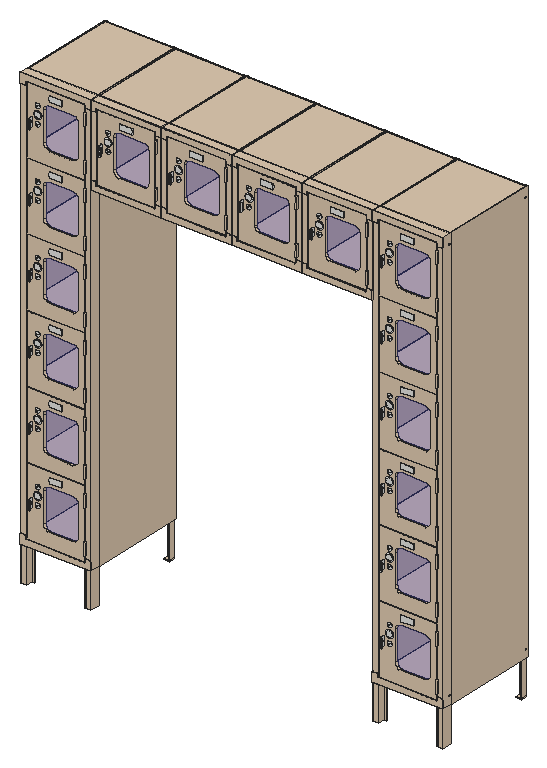
Revit family "Metal_Lockers-Salsbury_Industries-S_66000_Series-Bridge_Unit", category Specialty Equipment, Revit 2016 (continued)
Definition of nested family "Metal Locker Zee Base-Left Side"
  Types (4): name | Visible | Depth | Type Comments | Model | Description
    77572 Left - 12" D | yes | 10.362" | "Zee Base Kit for Standard Metal Lockers - No Legs" | "77572" | "4\" H x 6' L - for 12\" Deep Lockers (Includes 6 Foot Front Base, 2 End Bases, Corner Splicer and 4 Rear Legs)"
    77575 Left - 15" D | yes | 13.362" | "Zee Base Kit for Standard Metal Lockers - No Legs" | "77575" | "4\" H x 6' L - for 12\" Deep Lockers (Includes 6 Foot Front Base, 2 End Bases, Corner Splicer and 4 Rear Legs)"
    77578 Left- 18" D | yes | 16.362" | "Zee Base Kit for Standard Metal Lockers - No Legs" | "77578" | "4\" H x 6' L - for 12\" Deep Lockers (Includes 6 Foot Front Base, 2 End Bases, Corner Splicer and 4 Rear Legs)"
    None | no | 10.362" | "End Base for Standard Metal Lockers" | "" | ""
  Reference planes (in)
    plane 1 "Center (Front/Back)": y = 0
    plane 2: z = 0
    plane 3 "Center (Left/Right)": x = 3.99
    plane 4 "Floor": z = 0
    plane 5 "Top of Enclosure": z = 4
    plane 6 "Right Side of Unit": x = 5.99
    plane 7 "Left Edge of Enclosure": y = -5.181
    plane 8 "Right Edge of Enclosure": y = 5.181
    plane 9 "Bottom Edge of Enclosure": z = 0.06
    plane 10 "Left Edge of Base": x = 1.99
    plane 11 "Right Edge of Inser": x = 3.21
  Forms (in)
    Extrusion 1, solid, material <- "Primary Structure Material", visible <- "Visible"
      sketch origin (7.98, 0, 0) x (0, -1, 0) y (1, 0, 0)
        loop
          line (-5.181, -1.99) -> (-5.181, -5.99) -> (5.181, -5.99) -> (5.181, -1.99) -> (5.121, -1.99) -> (5.121, -5.93) -> (-5.121, -5.93) -> (-5.121, -1.99) -> (-5.181, -1.99)
      from 0.06 to 4
    Extrusion 2, solid, material <- "Primary Structure Material", visible <- "Visible"
      sketch origin (1.99, 0, 0) x (0, 0, -1) y (0, 1, 0)
        loop
          line (-4, -3.93967) -> (-3.94, -3.93967) -> (-3.94, 3.931) -> (-4, 3.931) -> (-4, -3.93967)
      from 0.06 to 1.22
  Dimensions and locks (in)
    "Height": plane 5 "Top of Enclosure" to plane 4 "Floor"
    equal spacing: plane 7 "Left Edge of Enclosure", plane 1 "Center (Front/Back)", plane 8 "Right Edge of Enclosure"
    "Depth": plane 7 "Left Edge of Enclosure" to plane 8 "Right Edge of Enclosure"
    "Width": plane 10 "Left Edge of Base" to plane 6 "Right Side of Unit"
    equal spacing: plane 10 "Left Edge of Base", plane 3 "Center (Left/Right)", plane 6 "Right Side of Unit"
    locked: plane 4 "Floor" to plane 9 "Bottom Edge of Enclosure" at 0.06
    aligned and locked: level to plane 2
    aligned and locked: plane 10 "Left Edge of Base" to Extrusion 1
  Automatic sketch dimensions
    plane 8 "Right Edge of Enclosure" to Extrusion 1 sketch curve = 0.000"
    Extrusion 1 sketch curve to plane 6 "Right Side of Unit" = 0.000"  (x2)
    plane 7 "Left Edge of Enclosure" to Extrusion 1 sketch curve = 0.000"
    Extrusion 1 sketch curve to plane 10 "Left Edge of Base" = 0.000"
    Extrusion 1 sketch curve to Extrusion 1 sketch curve = 0.060"
    plane 7 "Left Edge of Enclosure" to Extrusion 1 sketch curve = 0.060"
    plane 10 "Left Edge of Base" to Extrusion 1 sketch curve = 0.060"
    plane 5 "Top of Enclosure" to Extrusion 2 sketch curve = 0.000"
    Extrusion 2 sketch curve to Extrusion 2 sketch curve = 0.060"
    Extrusion 2 sketch curve to plane 7 "Left Edge of Enclosure" = 1.24133"
    plane 8 "Right Edge of Enclosure" to Extrusion 2 sketch curve = 1.250"
Definition of nested family "Metal Locker Zee Base Corner"
  Parameters (values of type "77572, 77575, 77578")
    Width = 2.000"
    Visible = yes
    Version = "1.0 (11/30/15)"
    Type Comments = "Zee Base Kit for Standard Metal Lockers - No Legs"
    Primary Structure Material = none
    Model = "n/a"
    Manufacturer = "Salsbury Industries"
    Height = 3.940"
    Description = "4\" H x 6' L - for 12\" Deep Lockers (Includes 6 Foot Front Base, 2 End Bases, Corner Splicer and 4 Rear Legs)"
    Depth = 2.000"
  Types (2): name | Visible
    77572, 77575, 77578 | yes
    None | no
  Reference planes (in)
    plane 1 "Center (Front/Back)": y = 0
    plane 2 "Bottom of Component": z = 0
    plane 3 "Center (Left/Right)": x = 0
    plane 4: z = 3.94
    plane 5: x = -1
    plane 6: x = 1
    plane 7 "Front": y = -1
    plane 8 "Back": y = 1
  Forms (in)
    Extrusion 1, solid, material <- "Primary Structure Material", visible <- "Visible"
      sketch origin (0, 0, 0) x (1, 0, 0) y (0, 1, 0)
        loop
          line (-1, 1) -> (-1, 0.94) -> (0.94, 0.94) -> (0.94, -1) -> (1, -1) -> (1, 1) -> (-1, 1)
      from 0 to 3.94
  Dimensions and locks (in)
    "Height": plane 4 to plane 2 "Bottom of Component"
    equal spacing: plane 5, plane 3 "Center (Left/Right)", plane 6
    "Width": plane 5 to plane 6
    equal spacing: plane 7 "Front", plane 1 "Center (Front/Back)", plane 8 "Back"
    "Depth": plane 7 "Front" to plane 8 "Back"
    aligned and locked: plane 2 "Bottom of Component" to level
  Automatic sketch dimensions
    Extrusion 1 sketch curve to plane 5 = 0.000"
    plane 7 "Front" to Extrusion 1 sketch curve = 0.000"
    Extrusion 1 sketch curve to plane 6 = 0.000"
    plane 8 "Back" to Extrusion 1 sketch curve = 0.000"
    plane 6 to Extrusion 1 sketch curve = 0.060"
    Extrusion 1 sketch curve to Extrusion 1 sketch curve = 0.060"
Types (3): name | Zee Base | Unit Height including Base Only | Overall Unit Height (including Base and Sloping Hood) | Model | Description | Base Height | Standard Leg Base
  S-66016- with Standard 6" High Legs | Metal Locker Zee Base : None | 78.000" | 88.739" | "S-66016" | "6 Feet High - 18 Inches Deep" | 6.000" | Metal Locker Legs : 6" High - 12"W x 18"D - Bridge
  S-66016 - with 77550 Lockers without Legs | Metal Locker Zee Base : None | 72.000" | 82.739" | "S-66016 with 77550" | "6 Feet High - 18 Inches Deep" | 0.000" | Metal Locker Legs : No Legs
  S-66016 - with 77578 Zee Base and 77550 Lockers without Legs | Metal Locker Zee Base : 77578 - 12"W x 18" D (Bridge) | 76.000" | 86.739" | "S-66016 with 77578 and 77550" | "6 Feet High - 18 Inches Deep with Zee Base and Lockers without Legs" | 4.000" | Metal Locker Legs : No Legs
